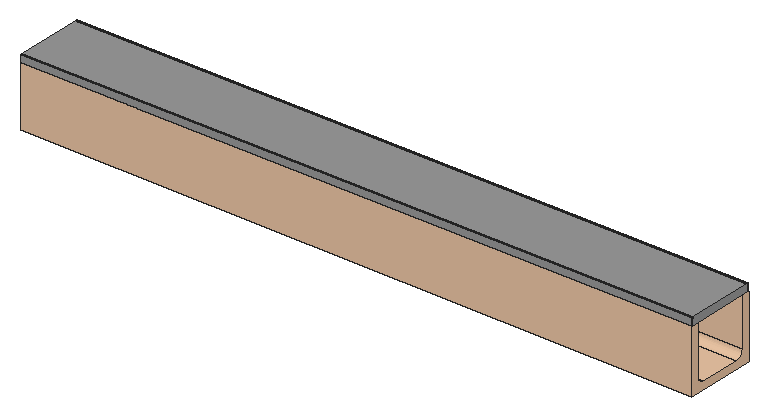
Revit family "DE_MEA MEADRAIN EN_ENS_basic", category Allgemeines Modell, Revit 2018
Family settings
  Kann Basisbauteil für Bewehrung sein = Nein
  Bemaßung runder Anschluss = Durchmesser verwenden
  Teiletyp = Normal
  OmniClass-Nummer = 23.70.50.00
  OmniClass-Titel = Liquid Waste Handling Services
  Beim Laden mit Abzugskörper schneiden = Ja
  Gemeinsam genutzt = Nein
  Raumberechnungspunkt = Nein
Parameters (values of type "MEADRAIN E - NW150 Flach")
  hilfsparameter = 0
  guid = "cf6c1bd8-9bf4-4563-8c57-07955e2378ac"  # constant formula
  Werkstoff, Kantenschutz [instance] = Kantenschutz  # "Guss"
  URL = "https://www.mea-group.com/de/water-management/"
  Typenkommentare = "Das System der Entwässerungsrinne MEADRAIN EN/ENS ist für höchste Belastungen ausgelegt. Mit den Gusszargen-L‐Profil der Rinnen-EN und den Gusszargen-Z‐Profil der Rinnen-ENS verbinden diese Hochleistungsrinnen MEADRAIN das geringe Gewicht des Polymerbetons mit einer verstärkten Bauweise, durch die sie Belastungen bis Klasse F 900 standhalten. Die Systeme MEADRAIN EN und ENS wurden entwickelt, um eine Entwässerungslösung für anspruchsvollste Anwendungsbereiche wie Flughäfen, Bahnhöfe, Frachtbereiche, Häfen und Industriegebäude bereitzustellen. Diese hochwertigen Rinnen bieten eine extrem lange Standzeit sowie eine hohe Beständigkeit gegenüber chemischen Substanzen, anfallendem Salz und Säuren."  # constant formula
  Typ Entwässerungsbauteil = "Typ M"  # constant formula
  Technische Produktinformation [instance] = "https://www.mea-group.com/de/water-management/service/downloads/"
  Stirnplatte am Ende [instance] = no
  Stirnplatte am Anfang [instance] = no
  Rinnenkörper Höhe Ende [instance] = if(and(hilfsparameter = 0, Rinne mit Eigengefälle), Rinnenkörper Höhe + ([built-in parameter 1001306] - B_Rinnenkörper Ende) * 0.005, Rinnenkörper Höhe)  # 189 mm
  Rinnenkörper Höhe = 180 mm
  Rinnenkörper Radius = 20 mm  # constant formula
  Rinnenkörper Breite = Nennweite + B_NW Breitenzugabe  # 190 mm
  Rinne mit Eigengefälle [instance] = yes
  Produtkwebsite [instance] = "https://www.mea-group.com/de/products/entwaesserungsrinne-meadrain-en-ens/"
  Nennweite mm Entwässerungsbauteil = "150"
  MEA-Stirnplatte [instance] = if(and(Stirnplatte am Anfang, Stirnplatte am Ende), 2, if(or(Stirnplatte am Anfang, Stirnplatte am Ende), 1, 0))  # 0
  MEA-Rinnenlaenge [instance] = if(Einlaufkasten am Ende, [built-in parameter 1001306] - 500 mm, [built-in parameter 1001306])  # 1800 mm
  MEA-Nennweite mm = "150"
  MEA-Kante [instance] = Kantenschutz  # "Guss"
  MEA-Einlaufkasten [instance] = if(Einlaufkasten am Ende, 1, 0)  # 0
  MEA-Belastungsklasse [instance] = Belastungsklasse  # "A 15"
  MEA-Abdeckung [instance] = Abdeckung  # "Gussrost MOVE D400"
  MEA Planungs-Hilfe [instance] = "https://www.mea-group.com/de/water-management/service/"
  Nennweite = 150 mm
  Modell = "MEADRAIN E"  # constant formula
  built-in parameter 1001306 [instance] = 1800 mm
  Konstruktion Entwässerungsbauteil = "Kastenrinne, U-Querschnitt"  # constant formula
  IfcExportType = "USERDEFINED"  # constant formula
  IfcExportAs = "IfcWasteTerminalType"  # constant formula
  IfcDescription = Beschreibung  # "Entwässerungssystem aus Polymerbeton für den Schwerlastbereich in Industrie und Infrastruktur bis F 900."
  Hersteller und Typ - Ausschreibender gleichwertig = "wie MEA Bautechnik GmbH, Modell MEADRAIN E"  # constant formula
  Hersteller = "MEA Bautechnik GmbH Geschäftsbereich MEA Water Management"  # constant formula
  Gefälleart/-prozente Entwässerungsbauteil [instance] = if(Rinne mit Eigengefälle, "mit 0,5 % Eigengefälle", "ohne Gefälle")  # "mit 0,5 % Eigengefälle"
  Einlaufkasten Höhe = 700 mm
  Einlaufkasten am Ende [instance] = no
  Einbautechnologie = "einschl. Fundament und Ummantelung"  # constant formula
  Eignung Entwässerungsbauteil [instance] = "Ab Klasse D 400 nicht für Schräg- oder Querbefahrung im Bereich von Schnellstraßen und Autobahnen geeignet"  # constant formula
  Belastungsklasse Entwässerungsbauteil [instance] = Belastungsklasse  # "A 15"
  Bauteil, Entwässerung = "Entwässerungsrinne"  # constant formula
  Baustoff, Bettung/Fundament = "Beton"  # constant formula
  B_NW Breitenzugabe = 40 mm
  B_NW = "NW 150"
  B_Modelltext = "MEA Rinne"  # constant formula
  B_Fundament Zugabe Z [instance] = if(Def Belastungsklasse = 1, 80 mm, if(Def Belastungsklasse = 2, 100 mm, if(Def Belastungsklasse = 3, 150 mm, if(Def Belastungsklasse = 4, 200 mm, if(Def Belastungsklasse = 5, 200 mm, if(Def Belastungsklasse = 6, 250 mm, 1 mm))))))  # 80 mm
  B_Fundament Zugabe X [instance] = if(Def Belastungsklasse = 1, 80 mm, if(Def Belastungsklasse = 2, 100 mm, if(Def Belastungsklasse = 3, 150 mm, if(Def Belastungsklasse = 4, 200 mm, if(Def Belastungsklasse = 5, 200 mm, if(Def Belastungsklasse = 6, 250 mm, 1 mm))))))  # 80 mm
  B_Aufsatz Höhe [instance] = if(Def Abdeckung = 6, 110 mm, if(Def Abdeckung = 7, 160 mm, 1 mm))  # 1 mm
  B_Abdeckung Gruppe [instance] = if(and(Def Abdeckung > 0, Def Abdeckung < 6), 3, if(and(Def Abdeckung > 5, Def Abdeckung < 8), 4, 0))  # 3
  B_Abd show G4 [instance] = B_Abdeckung Gruppe = 4  # no
  B_Abd show G3 [instance] = B_Abdeckung Gruppe = 3  # yes
  B_Abd show G1 [instance] = or(B_Abdeckung Gruppe = 1, B_Abdeckung Gruppe = 4)  # no
  Kantenschutz [instance] = "Guss"  # constant formula
  Def Belastungsklasse [instance] = 1
  Betonummantelung anzeigen [instance] = no
  Beschreibung = "Entwässerungssystem aus Polymerbeton für den Schwerlastbereich in Industrie und Infrastruktur bis F 900."  # constant formula
  B_show Fundament EK [instance] = B_check Fundament EK = 1  # no
  B_check Fundament EK [instance] = if(and(Einlaufkasten am Ende, Betonummantelung anzeigen), 1, 0)  # 0
  B_Fundament Länge [instance] = if(Einlaufkasten am Ende, ([built-in parameter 1001306] - 500 mm), [built-in parameter 1001306])  # 1800 mm
  B_Einlaufkasten Höhe Stirnplatte [instance] = (Einlaufkasten Höhe - Rinnenkörper Höhe Ende) + Bodendicke  # 531 mm
  B_Einlaufkasten Anschluss Höhe [instance] = (Einlaufkasten Höhe - (Stutzen Durchmesser / 2)) - Bodendicke  # 600 mm
  Bodendicke = 20 mm  # constant formula
  Baustoff, Entwässerungsbauteil = Polymerbeton
  Bauelement = "Entwässerungsrinnen Oberflächenwasser"  # constant formula
  B_Vertikaler Profilversatz [instance] = if(Einlaufkasten am Ende, 0 mm, Einlaufkasten Höhe)  # 700 mm
  B_Rinnenkörper Ende [instance] = if(Stirnplatte am Ende, 20 mm, if(Einlaufkasten am Ende, 500 mm, 0 mm))  # 0 mm
  B_Rinnenkörper Anfang [instance] = if(Stirnplatte am Anfang, 20 mm, 0 mm)  # 0 mm
  B_Einlaufkasten Höhe Profil [instance] = if(Einlaufkasten am Ende, Einlaufkasten Höhe, Rinnenkörper Höhe)  # 180 mm
  B_Einlaufkasten Höhe Deckel Anfang [instance] = if(Rinne mit Eigengefälle, Rinnenkörper Höhe + ([built-in parameter 1001306] - 500 mm) * 0.005 - Bodendicke - Rinnenkörper Radius, Rinnenkörper Höhe - Bodendicke - Rinnenkörper Radius)  # 146.5 mm
  B_Abdeckung Ende [instance] = if(or(Stirnplatte am Ende, Einlaufkasten am Ende), 20 mm, 0 mm)  # 0 mm
  Stutzen Durchmesser = 160 mm
  B_Abdeckung Länge [instance] = [built-in parameter 1001306] - B_Rinnenkörper Anfang - B_Abdeckung Ende  # 1800 mm
  B_Abdeckung Breite [instance] = Rinnenkörper Breite - 8 mm  # 182 mm
  Def Abdeckung [instance] = 1
  Belastungsklasse [instance] = if(Def Belastungsklasse = 1, "A 15", if(Def Belastungsklasse = 2, "B 125", if(Def Belastungsklasse = 3, "C 250", if(Def Belastungsklasse = 4, "D 400", if(Def Belastungsklasse = 5, "E 600", if(Def Belastungsklasse = 6, "F 900", "bitte Belastungsklasse definieren"))))))  # "A 15"
  Ausführungsunterlagen = "gemäß Zeichnung und Einzelbeschreibung"  # constant formula
  Abdeckung [instance] = if(Def Abdeckung = 1, "Gussrost MOVE D400", if(Def Abdeckung = 2, "Guss-Längsstabrost E600", if(Def Abdeckung = 3, "Guss-Stegrost F900", if(Def Abdeckung = 4, "Gussrost WAVE D400", if(Def Abdeckung = 5, "Guss Abdeckung geschl. E600", if(Def Abdeckung = 6, "Schlitz TSL B125", if(Def Abdeckung = 7, "Schlitz TSH E600", "bitte Abdeckung definieren")))))))  # "Gussrost MOVE D400"
Types (8, lengths in mm): name | hilfsparameter | URL | Rinnenkörper Höhe Ende | Rinnenkörper Höhe | Rinnenkörper Breite | Rinne mit Eigengefälle | Nennweite mm Entwässerungsbauteil | MEA-Rinnenlaenge | MEA-Nennweite mm | MEA-Einlaufkasten | MEA-Abdeckung | Nennweite | built-in parameter 1001306 | Gefälleart/-prozente Entwässerungsbauteil | Einlaufkasten Höhe | Einlaufkasten am Ende | B_NW Breitenzugabe | B_NW | B_Aufsatz Höhe | B_Abdeckung Gruppe | B_Abd show G4 | B_Abd show G3 | B_Abd show G1 | Betonummantelung anzeigen | B_show Fundament EK | B_check Fundament EK | B_Fundament Länge | B_Einlaufkasten Höhe Stirnplatte | B_Einlaufkasten Anschluss Höhe | B_Vertikaler Profilversatz | B_Rinnenkörper Ende | B_Einlaufkasten Höhe Profil | B_Einlaufkasten Höhe Deckel Anfang | B_Abdeckung Ende | Stutzen Durchmesser | B_Abdeckung Länge | B_Abdeckung Breite | Def Abdeckung | Abdeckung
  MEADRAIN E - NW100 | 0 | "https://www.mea-group.com" | 172.5 | 150 | 140 | yes | "100" | 4500 | "100" | 1 | "Gussrost MOVE D400" | 100 | 5000 | "mit 0,5 % Eigengefälle" | 585 | yes | 40 | "NW 100" | 1 | 3 | no | yes | no | yes | yes | 1 | 4500 | 432.5 | 510 | 0 | 500 | 585 | 132.5 | 20 | 110 | 4980 | 132 | 1 | "Gussrost MOVE D400"
  MEADRAIN E - NW150 | 0 | "https://www.mea-group.com/de/water-management/" | 229 | 220 | 190 | yes | "150" | 1800 | "150" | 0 | "Gussrost MOVE D400" | 150 | 1800 | "mit 0,5 % Eigengefälle" | 700 | no | 40 | "NW 150" | 1 | 3 | no | yes | no | no | no | 0 | 1800 | 491 | 600 | 700 | 0 | 220 | 186.5 | 0 | 160 | 1800 | 182 | 1 | "Gussrost MOVE D400"
  MEADRAIN E - NW150 Flach | 0 | "https://www.mea-group.com/de/water-management/" | 189 | 180 | 190 | yes | "150" | 1800 | "150" | 0 | "Gussrost MOVE D400" | 150 | 1800 | "mit 0,5 % Eigengefälle" | 700 | no | 40 | "NW 150" | 1 | 3 | no | yes | no | no | no | 0 | 1800 | 531 | 600 | 700 | 0 | 180 | 146.5 | 0 | 160 | 1800 | 182 | 1 | "Gussrost MOVE D400"
  MEADRAIN E - NW200 | 0 | "https://www.mea-group.com/de/water-management/" | 289 | 280 | 240 | yes | "200" | 1800 | "200" | 0 | "Gussrost MOVE D400" | 200 | 1800 | "mit 0,5 % Eigengefälle" | 740 | no | 40 | "NW 200" | 1 | 3 | no | yes | no | no | no | 0 | 1800 | 471 | 640 | 740 | 0 | 280 | 246.5 | 0 | 160 | 1800 | 232 | 1 | "Gussrost MOVE D400"
  MEADRAIN E - NW200 Flach | 0 | "https://www.mea-group.com/de/water-management/" | 100 | 100 | 240 | no | "200" | 1300 | "200" | 1 | "Gussrost MOVE D400" | 200 | 1800 | "ohne Gefälle" | 740 | yes | 40 | "NW 200" | 1 | 3 | no | yes | no | yes | yes | 1 | 1300 | 660 | 640 | 0 | 500 | 740 | 60 | 20 | 160 | 1780 | 232 | 1 | "Gussrost MOVE D400"
  MEADRAIN E - NW300 | 0 | "https://www.mea-group.com/de/water-management/" | 409 | 400 | 394 | yes | "300" | 1800 | "300" | 0 | "Gussrost MOVE D400" | 300 | 1800 | "mit 0,5 % Eigengefälle" | 835 | no | 94 | "NW 300" | 1 | 3 | no | yes | no | no | no | 0 | 1800 | 446 | 735 | 835 | 0 | 400 | 366.5 | 0 | 160 | 1800 | 386 | 1 | "Gussrost MOVE D400"
  MEADRAIN E - NW300 H760 | 0 | "https://www.mea-group.com/de/water-management/" | 769 | 760 | 394 | yes | "300" | 1800 | "300" | 0 | "Gussrost MOVE D400" | 300 | 1800 | "mit 0,5 % Eigengefälle" | 760 | no | 94 | "NW 300" | 1 | 3 | no | yes | no | no | no | 0 | 1800 | 11 | 660 | 760 | 0 | 760 | 726.5 | 0 | 160 | 1800 | 386 | 1 | "Gussrost MOVE D400"
  MEADRAIN E - NW400 | 1 | "https://www.mea-group.com/de/water-management/" | 465 | 465 | 494 | no | "400" | 1300 | "400" | 1 | "Schlitz TSH E600" | 400 | 1800 | "ohne Gefälle" | 942 | yes | 94 | "NW 400" | 160 | 4 | yes | no | yes | yes | yes | 1 | 1300 | 497 | 842 | 0 | 500 | 942 | 425 | 20 | 160 | 1780 | 486 | 7 | "Schlitz TSH E600"
Reference planes
  plane 1 "Vorne": y = 0
  plane 2: z = 0
  plane 3 "Links": x = 0
  plane 4 "Rechts": x = 1800
  plane 5 "Hinten": y = 190
  plane 6 "Rinnenachse": y = 95
  plane 7 "Anfang Rinnenkörper": x = 0
  plane 8 "Ende Rinnenkörper": x = 1800
  plane 9: z = -180
  plane 10 "Einlaufkasten Anfang": x = 1300
  plane 11 "UK EK": z = -700
  plane 12: x = 1550
  plane 13: z = -600
  plane 14: z = -100
  plane 15: y = 186
  plane 16: y = 4
  plane 17 "Abdeckung Ende": x = 1800
  plane 18 "Aufsatz Vorderkante": y = 166
Forms (mm)
  SweptBlend 1, solid, material "Polymerbeton" <- "Baustoff, Entwässerungsbauteil"
    path origin (0, 0, 0) x (1, 0, 0) y (0, 1, 0)
      loop
        line (0, 0) -> (1800, 0)
    profile "Profil_Rinnenkörper_oK : Profil_Rinnenkörper_oK_Anfang" origin (0, 0, 0) x (0, 1, 0) y (0, 0, 1)
      loop
        line (4, -20) -> (3, -20) -> (3, -1) -> (1, -1) -> (1, -20) -> (0, -20) -> (0, -180) -> (190, -180) -> (190, -20) -> (189, -20) -> (189, -1) -> (187, -1) -> (187, -20) -> (186, -20) -> (170, -20) -> (170, -140)
        arc (170, -140) -> (164.142, -154.142) -> (150, -160) r 20
        line (150, -160) -> (40, -160)
        arc (40, -160) -> (25.858, -154.142) -> (20, -140) r 20
        line (20, -140) -> (20, -20) -> (4, -20)
    end profile "Profil_Rinnenkörper_oK : Profil_Rinnenkörper_oK_Ende" origin (1800, 0, 0) x (0, 1, 0) y (0, 0, 1)
      loop
        line (4, -20) -> (3, -20) -> (3, -1) -> (1, -1) -> (1, -20) -> (0, -20) -> (0, -189) -> (190, -189) -> (190, -20) -> (189, -20) -> (189, -1) -> (187, -1) -> (187, -20) -> (186, -20) -> (170, -20) -> (170, -149)
        arc (170, -149) -> (164.142, -163.142) -> (150, -169) r 20
        line (150, -169) -> (40, -169)
        arc (40, -169) -> (25.858, -163.142) -> (20, -149) r 20
        line (20, -149) -> (20, -20) -> (4, -20)
  Extrusion 2, solid, material "Polymerbeton", visible <- "Stirnplatte am Anfang"
    sketch origin (0, 0, 0) x (0, 1, 0) y (0, 0, 1)
      loop
        line (190, 0) -> (0, 0) -> (0, -180) -> (190, -180) -> (190, 0)
    from 0 to 20
  Extrusion 3, solid, material "Polymerbeton", visible <- "Stirnplatte am Ende"
    sketch origin (1800, 0, 0) x (0, 1, 0) y (0, 0, 1)
      loop
        line (0, 0) -> (0, -189) -> (190, -189) -> (190, 0) -> (0, 0)
    from 0 to -20
  Sweep 4, solid, material "Polymerbeton" <- "Baustoff, Entwässerungsbauteil", visible <- "Einlaufkasten am Ende"
    path origin (0, 0, 0) x (1, 0, 0) y (0, 1, 0)
      loop
        line (1300, 0) -> (1800, 0)
    profile "Profil_Rinnenkörper_oK : Profil_Rinnenkörper_oK_Einlaufkasten" origin (1550, 0, 0) x (0, 1, 0) y (0, 0, 1)
      loop
        line (4, -20) -> (3, -20) -> (3, -1) -> (1, -1) -> (1, -20) -> (0, -20) -> (0, -700) -> (190, -700) -> (190, -20) -> (189, -20) -> (189, -1) -> (187, -1) -> (187, -20) -> (186, -20) -> (170, -20) -> (170, -660)
        arc (170, -660) -> (164.142, -674.142) -> (150, -680) r 20
        line (150, -680) -> (40, -680)
        arc (40, -680) -> (25.858, -674.142) -> (20, -660) r 20
        line (20, -660) -> (20, -20) -> (4, -20)
  SweptBlend 5, void
    path origin (0, 0, 0) x (1, 0, 0) y (0, 1, 0)
      loop
        line (0, 0) -> (1800, 0)
    profile "Profil_Rinnenkörper_Abzug : Profil_Rinnenkörper_Anfang" origin (0, 0, 0) x (0, 1, 0) y (0, 0, 1)
      loop
        line (0, 0) -> (0, -180) -> (190, -180) -> (190, 0) -> (186, 0) -> (186, 1) -> (166, 1) -> (166, 0) -> (0, 0)
    end profile "Profil_Rinnenkörper_Abzug : Profil_Rinnenkörper_Ende" origin (1800, 0, 0) x (0, 1, 0) y (0, 0, 1)
      loop
        line (0, 0) -> (0, -189) -> (190, -189) -> (190, 0) -> (186, 0) -> (186, 1) -> (166, 1) -> (166, 0) -> (0, 0)
  Sweep 6, void
    path origin (0, 0, 0) x (1, 0, 0) y (0, 1, 0)
      loop
        line (1300, 0) -> (1800, 0)
    profile "Profil_Rinnenkörper_Abzug : Profil_Rinnenkörper_Einlaufkasten" origin (1550, 0, 0) x (0, 1, 0) y (0, 0, 1)
      loop
        line (0, 0) -> (0, -180) -> (190, -180) -> (190, 0) -> (186, 0) -> (186, 1) -> (166, 1) -> (166, 0) -> (0, 0)
  Extrusion 7, solid, visible <- "Einlaufkasten am Ende"
    sketch origin (0, 190, 0) x (-1, 0, 0) y (0, 0, 1)
      loop
        circle (-1550, -600) r 80
    from 0 to 50
  SweptBlend 8, solid, material "Beton", visible <- "Betonummantelung anzeigen"
    path origin (0, 0, 0) x (1, 0, 0) y (0, 1, 0)
      loop
        line (0, 0) -> (1800, 0)
    profile "Profil_Fundament : Fundament_Anfang" origin (0, 0, 0) x (0, 1, 0) y (0, 0, 1)
      loop
        line (-80, 0) -> (-80, -260) -> (270, -260) -> (270, 0) -> (190, 0) -> (190, -180) -> (0, -180) -> (0, 0) -> (-80, 0)
    end profile "Profil_Fundament : Fundament_Ende" origin (1800, 0, 0) x (0, 1, 0) y (0, 0, 1)
      loop
        line (-80, 0) -> (-80, -269) -> (270, -269) -> (270, 0) -> (190, 0) -> (190, -189) -> (0, -189) -> (0, 0) -> (-80, 0)
  Sweep 9, solid, material "Beton", visible <- "B_show Fundament EK"
    path origin (0, 0, 0) x (1, 0, 0) y (0, 1, 0)
      loop
        line (1300, 0) -> (1800, 0)
    profile "Profil_Fundament : Fundament_Einlaufkasten" origin (1550, 0, 0) x (0, 1, 0) y (0, 0, 1)
      loop
        line (-80, 0) -> (-80, -260) -> (270, -260) -> (270, 0) -> (190, 0) -> (190, -180) -> (0, -180) -> (0, 0) -> (-80, 0)
  Extrusion 10, solid, visible <- "Einlaufkasten am Ende"
    sketch origin (0, 0, 0) x (-1, 0, 0) y (0, 0, -1)
      loop
        circle (-1550, 600) r 80
    from 0 to 50
  Extrusion 11, solid, material "Polymerbeton" <- "Baustoff, Entwässerungsbauteil", visible <- "Einlaufkasten am Ende"
    sketch origin (52.64, 0, -700) x (-1, 0, 0) y (0, -1, 0)
      loop
        line (-1247.36, -190) -> (-1247.36, 0) -> (-1267.36, 0) -> (-1267.36, -190) -> (-1247.36, -190)
    from 0 to 531 <- "B_Einlaufkasten Höhe Stirnplatte"
  Extrusion 12, solid, material "Polymerbeton" <- "Baustoff, Entwässerungsbauteil", visible <- "Einlaufkasten am Ende"
    sketch origin (1800, 0, 0) x (0, 1, 0) y (0, 0, 1)
      loop
        line (0, 0) -> (0, -700) -> (190, -700) -> (190, 0) -> (0, 0)
    from 0 to -20
  Extrusion 13, solid, material "Stahl, verzinkt", visible <- "B_Abd show G1"
    sketch origin (723.397, 370.159, 0) x (1, 0, 0) y (0, 1, 0)
      loop
        line (-723.397, -184.159) -> (-723.397, -366.159) -> (1076.603, -366.159) -> (1076.603, -184.159) -> (-723.397, -184.159)
    from 0 to -20
  Extrusion 14, solid, material "Stahl, verzinkt", visible <- "B_Abd show G4"
    sketch origin (1039.397, -412.457, 0) x (1, 0, 0) y (0, 1, 0)
      loop
        line (-1039.397, 598.457) -> (-1039.397, 578.457) -> (760.603, 578.457) -> (760.603, 598.457) -> (-1039.397, 598.457)
    from 0 to 1 <- "B_Aufsatz Höhe"
  Extrusion 15, solid, material "Guss", visible <- "B_Abd show G3"
    sketch origin (1120.988, -278.841, 0) x (1, 0, 0) y (0, 1, 0)
      loop
        line (-1120.988, 464.841) -> (-1120.988, 282.841) -> (679.012, 282.841) -> (679.012, 464.841) -> (-1120.988, 464.841)
    from 0 to -20
  Extrusion 16, solid, material "Guss"
    sketch origin (0, 0, 0) x (0, 1, 0) y (0, 0, 1)
      loop
        line (0, -20) -> (1, -20) -> (1, -1) -> (3, -1) -> (3, -20) -> (4, -20) -> (4, 0) -> (0, 0) -> (0, -20)
    from 0 to 1800 <- "B_Abdeckung Länge"
  Extrusion 17, solid, material "Guss"
    sketch origin (0, 133, 0) x (0, -1, 0) y (0, 0, -1)
      loop
        line (-57, 20) -> (-57, 0) -> (-53, 0) -> (-53, 20) -> (-54, 20) -> (-54, 1) -> (-56, 1) -> (-56, 20) -> (-57, 20)
    from 0 to 1800 <- "B_Abdeckung Länge"
Cuts and joins
  joined: Sweep 4, Extrusion 11, Extrusion 12
Lines and regions (mm)
  reference lines
    curve 1: line (0, 0, 0) -> (1800, 0, 0)
Dimensions and locks
  "built-in parameter 1001306": plane 3 "Links" to plane 4 "Rechts"
  "B_Rinnenkörper Anfang": plane 3 "Links" to plane 7 "Anfang Rinnenkörper"
  "B_Rinnenkörper Ende": plane 8 "Ende Rinnenkörper" to plane 4 "Rechts"
  equal spacing: plane 5 "Hinten", plane 6 "Rinnenachse", plane 1 "Vorne"
  "Rinnenkörper Breite": plane 5 "Hinten" to plane 1 "Vorne"
  "Rinnenkörper Höhe": plane 2 to plane 9
  locked: plane 3 "Links" to Extrusion 2 at 20
  "Rinnenkörper Höhe Ende": plane 2 to Extrusion 3 sketch curve
  locked: Extrusion 3 to plane 4 "Rechts" at 20
  equal spacing: plane 4 "Rechts", plane 12, plane 10 "Einlaufkasten Anfang"
  locked: plane 4 "Rechts" to plane 10 "Einlaufkasten Anfang" at 500
  "Einlaufkasten Höhe": level to plane 11 "UK EK"
  "B_Einlaufkasten Anschluss Höhe": level to plane 13
  locked: plane 5 "Hinten" to plane 15 at 4
  locked: plane 1 "Vorne" to plane 16 at 4
  "B_Fundament Länge": SweptBlend 8 sketch curve to SweptBlend 8 sketch curve
  locked: Extrusion 11 to plane 10 "Einlaufkasten Anfang" at 20
  "B_Abdeckung Länge": plane 7 "Anfang Rinnenkörper" to plane 17 "Abdeckung Ende"
  locked: plane 15 to plane 18 "Aufsatz Vorderkante" at 20
  locked: plane 3 "Links" to text3d elem at 30
  locked: plane 1 "Vorne" to text3d elem at 30
  "Stutzen Durchmesser": diameter of Extrusion 7 sketch curve
  "Stutzen Durchmesser": diameter of Extrusion 10 sketch curve
  aligned and locked: plane 4 "Rechts" to curve 1
  aligned and locked: plane 1 "Vorne" to curve 1
  aligned and locked: plane 3 "Links" to curve 1
  aligned and locked: level to plane 2
  aligned and locked: plane 7 "Anfang Rinnenkörper" to SweptBlend 1 sketch curve
  aligned and locked: plane 8 "Ende Rinnenkörper" to SweptBlend 1 sketch curve
  aligned and locked: plane 1 "Vorne" to SweptBlend 1 sketch curve
  aligned and locked: Extrusion 2 sketch curve to plane 2
  aligned and locked: Extrusion 2 sketch curve to plane 1 "Vorne"
  aligned and locked: Extrusion 2 sketch curve to plane 5 "Hinten"
  aligned and locked: plane 9 to Extrusion 2 sketch curve
  aligned and locked: Extrusion 3 sketch curve to plane 1 "Vorne"
  aligned and locked: Extrusion 3 sketch curve to plane 2
  aligned and locked: Extrusion 3 sketch curve to plane 5 "Hinten"
  aligned and locked: plane 10 "Einlaufkasten Anfang" to Sweep 4 sketch curve
  aligned and locked: plane 4 "Rechts" to Sweep 4 sketch curve
  aligned and locked: plane 1 "Vorne" to Sweep 4 sketch curve
  aligned and locked: plane 3 "Links" to SweptBlend 5 sketch curve
  aligned and locked: plane 8 "Ende Rinnenkörper" to SweptBlend 5 sketch curve
  aligned and locked: plane 1 "Vorne" to SweptBlend 5 sketch curve
  aligned and locked: plane 10 "Einlaufkasten Anfang" to Sweep 6 sketch curve
  aligned and locked: plane 4 "Rechts" to Sweep 6 sketch curve
  aligned and locked: plane 1 "Vorne" to Sweep 6 sketch curve
  aligned and locked: plane 13 to Extrusion 7 sketch curve
  aligned and locked: plane 12 to Extrusion 7 sketch curve
  aligned and locked: curve 1 to SweptBlend 8 sketch curve
  aligned and locked: plane 3 "Links" to SweptBlend 8 sketch curve
  aligned and locked: plane 4 "Rechts" to Sweep 9 sketch curve
  aligned and locked: plane 10 "Einlaufkasten Anfang" to Sweep 9 sketch curve
  aligned and locked: plane 1 "Vorne" to Sweep 9 sketch curve
  aligned and locked: Extrusion 11 to plane 11 "UK EK"
  aligned and locked: Extrusion 11 to plane 10 "Einlaufkasten Anfang"
  aligned and locked: plane 1 "Vorne" to Extrusion 11
  aligned and locked: plane 5 "Hinten" to Extrusion 11
  aligned and locked: Extrusion 12 sketch curve to plane 1 "Vorne"
  aligned and locked: Extrusion 12 sketch curve to plane 5 "Hinten"
  aligned and locked: plane 11 "UK EK" to Extrusion 12 sketch curve
  aligned and locked: Extrusion 12 sketch curve to level
  aligned and locked: Extrusion 13 to plane 7 "Anfang Rinnenkörper"
  aligned and locked: plane 16 to Extrusion 13
  aligned and locked: Extrusion 13 to plane 15
  aligned and locked: plane 17 "Abdeckung Ende" to Extrusion 13
  aligned and locked: Extrusion 14 to plane 7 "Anfang Rinnenkörper"
  aligned and locked: plane 17 "Abdeckung Ende" to Extrusion 14
  aligned and locked: Extrusion 14 to plane 15
  aligned and locked: Extrusion 14 to plane 18 "Aufsatz Vorderkante"
  aligned and locked: Extrusion 15 to plane 7 "Anfang Rinnenkörper"
  aligned and locked: plane 17 "Abdeckung Ende" to Extrusion 15
  aligned and locked: Extrusion 15 to plane 15
  aligned and locked: plane 16 to Extrusion 15
  aligned and locked: text3d elem to text3d elem  (x2)
Automatic sketch dimensions
  Extrusion 11 sketch curve to plane 5 "Hinten" = 0 mm
  plane 1 "Vorne" to Extrusion 11 sketch curve = 0 mm
  plane 10 "Einlaufkasten Anfang" to Extrusion 11 sketch curve = 0 mm
  plane 10 "Einlaufkasten Anfang" to Extrusion 11 sketch curve = 20 mm
  plane 3 "Links" to Extrusion 13 sketch curve = 0 mm
  Extrusion 13 sketch curve to plane 4 "Rechts" = 0 mm
  plane 16 to Extrusion 13 sketch curve = 0 mm
  plane 15 to Extrusion 13 sketch curve = 0 mm
  plane 3 "Links" to Extrusion 14 sketch curve = 0 mm
  Extrusion 14 sketch curve to plane 4 "Rechts" = 0 mm
  Extrusion 14 sketch curve to plane 18 "Aufsatz Vorderkante" = 0 mm
  plane 15 to Extrusion 14 sketch curve = 0 mm
  plane 3 "Links" to Extrusion 15 sketch curve = 0 mm
  Extrusion 15 sketch curve to plane 4 "Rechts" = 0 mm
  plane 16 to Extrusion 15 sketch curve = 0 mm
  plane 15 to Extrusion 15 sketch curve = 0 mm
  Extrusion 16 sketch curve to level = 0 mm
  Extrusion 16 sketch curve to plane 1 "Vorne" = 0 mm
  Extrusion 16 sketch curve to plane 16 = 0 mm
  Extrusion 16 sketch curve to Extrusion 16 sketch curve = 1 mm
  Extrusion 16 sketch curve to plane 16 = 1 mm
  Extrusion 16 sketch curve to level = 1 mm
  Extrusion 16 sketch curve to Extrusion 16 sketch curve = 19 mm
  Extrusion 16 sketch curve to Extrusion 16 sketch curve = 0 mm
  Extrusion 17 sketch curve to level = 0 mm
  Extrusion 17 sketch curve to plane 5 "Hinten" = 0 mm
  Extrusion 17 sketch curve to plane 15 = 0 mm
  Extrusion 17 sketch curve to Extrusion 17 sketch curve = 1 mm
  Extrusion 17 sketch curve to plane 15 = 1 mm
  level to Extrusion 17 sketch curve = 1 mm
  Extrusion 17 sketch curve to Extrusion 17 sketch curve = 19 mm
  Extrusion 17 sketch curve to Extrusion 17 sketch curve = 0 mm
  Extrusion 10 sketch curve to plane 12 = 0 mm
  Extrusion 10 sketch curve to plane 13 = 0 mm
